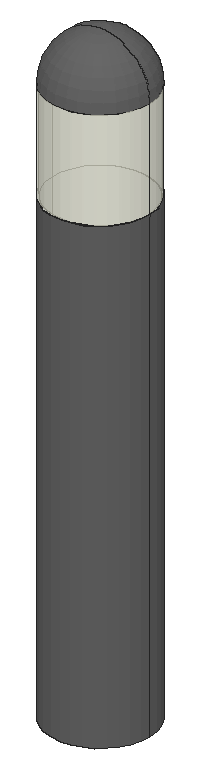
Revit family "BOL4", category Generic Models, host Floor, Revit 2024
Family settings
  Host = Floor
  Can host rebar = No
  Round Connector Dimension = Use Diameter
  Part Type = Normal
  Always vertical = Yes
  Cut with Voids When Loaded = No
  Maintain Annotation Orientation = No
  Shared = No
  Room Calculation Point = No
Parameters
  Default Elevation = 0' - 0"
Reference planes (in)
  plane 1 "Center (Front/Back)": y = 0
  plane 2: z = 0
  plane 3 "Center (Left/Right)": x = 0
Forms (in)
  Revolve 1, solid
    sketch origin (0, 0, 0) x (1, 0, 0) y (0, 0, 1)
      loop
        line (-3.49975, 32.76341) -> (-3.49975, 0) -> (-3.406, 0) -> (-3.406, 32.76341) -> (-3.49975, 32.76341)
      loop
        arc (0, 43.25) -> (-2.47013, 42.22961) -> (-3.5, 39.76341) r 3.50002
        line (-3.5, 39.76341) -> (-3.40625, 39.76341)
        arc (-3.40625, 39.76341) -> (-2.40384, 42.16332) -> (0, 43.15625) r 3.40627
        line (0, 43.15625) -> (0, 43.25)
      axis (0, 43.25) -> (0, 0)
    angle from 0 to 360
  Revolve 2, solid
    sketch origin (0, 0, 0) x (1, 0, 0) y (0, 0, 1)
      loop
        line (-3.48814, 32.76341) -> (-3.39439, 32.76341) -> (-3.39439, 39.76341) -> (-3.48814, 39.76341) -> (-3.48814, 32.76341)
      axis (0, 39.76341) -> (0, 32.76341)
    angle from 0 to 360
Dimensions and locks (in)
  equal spacing: host sketch curve, plane 1 "Center (Front/Back)", host sketch curve
  equal spacing: host sketch curve, plane 3 "Center (Left/Right)", host sketch curve
  host sketch curve to host sketch curve = 10' - 0"  (x2)
  aligned and locked: level to plane 2
